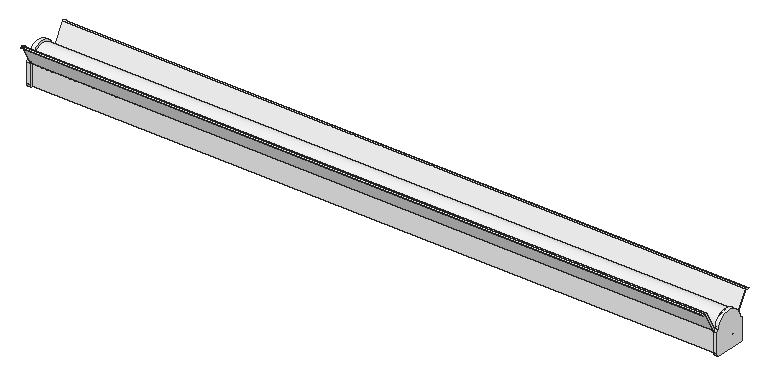
Revit family "0045187+0045235 Feilo Sylvania Lighting Fixture SYLBATTEN LED8 6000K TP3 with SYMMETRIC REFLECTOR ACCESSORY 1500MM", category Lighting Fixtures, host Face, Revit 2017
Family settings
  Host = Face
  Round Connector Dimension = Use Diameter
  Part Type = Normal
  OmniClass Number = 23.80.70.00
  OmniClass Title = Lighting
  Cut with Voids When Loaded = No
  Light Source = Yes
  Shared = No
  Room Calculation Point = No
Parameters (values of type "0045187 SYLBATTEN LED8 6000K TP3")
  Width_FEILO = 66 mm
  Weight = "3.148 kg"
  Wattage Comments = "n/a"
  Wattage = 79 W
  WarrantyStartDate [instance] = "n/a"
  WarrantyGuarantorParts = "n/a"
  WarrantyDurationUnit = "n/a"
  WarrantyDurationParts = "n/a"
  WarrantyDescription = "n/a"
  built-in parameter 1150110 = 1 (stored number, unit not read)
  Voltage = 230 V
  URL = "http://www.sylvania-lighting.com"
  TypeName = "SYLBATTEN LED8 6000K TP3"
  Type Image = <None>
  Type Comments = "n/a"
  built-in parameter 1114217 = 1 (stored number, unit not read)
  Tilt Angle = -90.00°
  built-in parameter 1150109 = 1 (stored number, unit not read)
  built-in parameter 1150134 = 5
  SymReflector_FEILO = yes
  built-in parameter 1150113 = 1 (stored number, unit not read)
  SerialNumber [instance] = "n/a"
  PowerFactor = 0
  PowerConsumption = "79 W"
  Photometric Web File = "0045187+0045235.ies"
  NominalLength = 1505 mm
  NominalHeight = 91 mm
  NominalDepth = 122 mm
  Name = "SYLBATTEN LED8 6000K TP3"
  ModelReference = Name  # "SYLBATTEN LED8 6000K TP3"
  ModelNumber = "0045187"
  Model = Name  # "SYLBATTEN LED8 6000K TP3"
  Material_4_FEILO = Reflector-Sylvania-Sylbatten-White
  Material_3_FEILO = Diffuser-Sylvania-Sylbatten-Glow
  Material_2_FEILO = Body-Sylvania-Sylbatten-White
  Material_1_FEILO = Body-Sylvania-Sylbatten-White
  Material = "sheet steel housing, polycarbonate diffuser"
  ManufacturerName = "Feilo Sylvania"
  Manufacturer = "Feilo Sylvania"
  LuminousEfficacy = "110.4 lm/W"
  built-in parameter 1150105 = 694.23 (stored number, unit not read)
  Lumens = 8723.97 lm
  LuminaireType = ""
  built-in parameter 1150115 = 1 (stored number, unit not read)
  LightOutputRatio = "100"
  built-in parameter 1150137 = (empty or 0)
  built-in parameter 1150139 = (empty or 0)
  Length_FEILO = 1505 mm
  LampsType = Lamp  # "LED"
  LampNominalLuminous = "8724 lm"
  LampMacAdamStep = "n/a"
  LampColourTemperature = "6000 K"
  LampColourRenderingIndex = "80"
  built-in parameter 1150112 = 1 (stored number, unit not read)
  built-in parameter 1150114 = 1 (stored number, unit not read)
  Lamp = "LED"
  Keynote = "16500"
  InstallationDate [instance] = "n/a"
  InputVoltage = "220-240V~"
  InputNominalFrequency = "n/a"
  built-in parameter 1150132 = (empty or 0)
  built-in parameter 1150102 = (empty or 0)
  built-in parameter 1150107 = 6000 (stored number, unit not read)
  built-in parameter 1150138 = (empty or 0)
  IngressProtection = "IP20"
  ImpactProtectionIndex = "IK07"
  built-in parameter 1150106 = 6.9423 (stored number, unit not read)
  IfcExportType = "IfcLightFixtureType"
  IfcExportAs = "IfcLightFixtureType"
  Height_FEILO = 76 mm
  ExpectedLife = 50000
  Emit from Rectangle Width = Length_FEILO - 16 mm  # 1489 mm
  Emit from Rectangle Length = Width_FEILO - 40 mm  # 26 mm
  Emit Shape Visible in Rendering = no
  ElectricShockClassification = "Class I"
  built-in parameter 1150104 = 10.259 (stored number, unit not read)
  DurationUnit = "hours"
  DocumentationLiterature = "http://www.sylvania-lighting.com/product/en-int/products/0045187"
  DimmingControlOptions = "n/a"
  Dimming Lamp Color Temperature Shift = <None>
  Description = "LED batten, T8 replacement, ease of installation through 2 part push-in design of the housing (safety cable included), through wiring capability (TP3 = 3 core), sheet steel, 8724M, 79W, 110lm/W, 6000K, drive current: 450mA, CRI 80, 138° wide beam angle, electronic driver (non dimmable), IP20, IK07, 50,000 hrs (L70), (LxWxH) 1505x66x76mm, 5 step MacAdam ellipse, 3.7kg, white RAL 9016, Class 1, 220-240V, energy class: A++, A+, A."
  Default Elevation = 1219.2 mm
  CreatedOn = "1/25/2018"
  CreatedBy = ""
  Cost = 0
  Color Filter = 16777215
  built-in parameter 1114216 [instance] = (empty or 0)
  ClassificationValue = "EF_70_80"
  ClassificationName = "Uniclass2015"
  CapOffset_FEILO = 2 mm
  BarCode [instance] = "n/a"
  built-in parameter 1114218 = 1 (stored number, unit not read)
  BackReflector_FEILO = and(not(AsymReflector_FEILO), SymReflector_FEILO)  # yes
  built-in parameter 1150133 = 10 (stored number, unit not read)
  FrontReflector_FEILO = or(AsymReflector_FEILO, SymReflector_FEILO)  # yes
  AsymReflector_FEILO = no
  AssetType = "Fixed"
  AssetIdentifier [instance] = "n/a"
  Assembly Code = "D5020200"
  Apparent Load = 79 VA
Reference planes
  plane 1 "Center (Front/Back)": y = 0
  plane 2: z = 0
  plane 3 "Center (Left/Right)": x = 0
  plane 4: x = 752.5
  plane 5: x = -752.5
  plane 6: y = 33
  plane 7: y = -33
  plane 8: z = 76
  plane 9: z = 47
  plane 10: y = -29
  plane 11: y = 29
  plane 12: z = 20
  plane 13: z = 74
  plane 14: y = -31
  plane 15: y = -27
  plane 16: y = 27
  plane 17: y = 31
  plane 18: z = 2
  plane 19: x = -744.5
  plane 20: x = 744.5
  plane 21: z = 49
  plane 22: y = 1
  plane 23: y = -1
  plane 24: z = 21
  plane 25: z = 19
  plane 26: y = -61
  plane 27: y = 61
  plane 28: y = -56
  plane 29: y = 56
  plane 30: z = 91
  plane 31: z = 88
Forms (mm)
  Extrusion 1, solid, material "Body-Sylvania-Sylbatten-White" <- "Material_2_FEILO"
    sketch origin (0, 0, 0) x (0, 1, 0) y (0, 0, 1)
      loop
        line (-31, 2) -> (31, 2) -> (31, 45)
        arc (31, 45) -> (30.414, 46.414) -> (29, 47) r 2
        line (29, 47) -> (27, 47)
        arc (27, 47) -> (0, 74) -> (-27, 47) r 27
        line (-27, 47) -> (-29, 47)
        arc (-29, 47) -> (-30.414, 46.414) -> (-31, 45) r 2
        line (-31, 45) -> (-31, 2)
    from -744.5 to 744.5
  Extrusion 2, solid, material "Body-Sylvania-Sylbatten-White" <- "Material_2_FEILO"
    sketch origin (752.5, 1524, 1219.2) x (0, 1, 0) y (0, 0, 1)
      loop
        arc (-1494, -1219.2) -> (-1491.879, -1218.321) -> (-1491, -1216.2) r 3
        line (-1491, -1216.2) -> (-1491, -1173.2)
        arc (-1491, -1173.2) -> (-1491.879, -1171.079) -> (-1494, -1170.2) r 3
        line (-1494, -1170.2) -> (-1495.069, -1170.2)
        arc (-1495.069, -1170.2) -> (-1524, -1143.2) -> (-1552.931, -1170.2) r 29
        line (-1552.931, -1170.2) -> (-1554, -1170.2)
        arc (-1554, -1170.2) -> (-1556.121, -1171.079) -> (-1557, -1173.2) r 3
        line (-1557, -1173.2) -> (-1557, -1216.2)
        arc (-1557, -1216.2) -> (-1556.121, -1218.321) -> (-1554, -1219.2) r 3
        line (-1554, -1219.2) -> (-1494, -1219.2)
      loop
        arc (-1525, -1189.25) -> (-1531.071, -1192.129) -> (-1533.95, -1198.2) r 10
        line (-1533.95, -1198.2) -> (-1532.944, -1198.2)
        arc (-1532.944, -1198.2) -> (-1530.364, -1192.836) -> (-1525, -1190.256) r 9
        line (-1525, -1190.256) -> (-1525, -1189.25)
      loop
        arc (-1523, -1190.256) -> (-1517.636, -1192.836) -> (-1515.056, -1198.2) r 9
        line (-1515.056, -1198.2) -> (-1514.05, -1198.2)
        arc (-1514.05, -1198.2) -> (-1516.929, -1192.129) -> (-1523, -1189.25) r 10
        line (-1523, -1189.25) -> (-1523, -1190.256)
      loop
        line (-1532.944, -1200.2) -> (-1533.95, -1200.2)
        arc (-1533.95, -1200.2) -> (-1531.071, -1206.271) -> (-1525, -1209.15) r 10
        line (-1525, -1209.15) -> (-1525, -1208.144)
        arc (-1525, -1208.144) -> (-1530.364, -1205.564) -> (-1532.944, -1200.2) r 9
      loop
        arc (-1515.056, -1200.2) -> (-1517.636, -1205.564) -> (-1523, -1208.144) r 9
        line (-1523, -1208.144) -> (-1523, -1209.15)
        arc (-1523, -1209.15) -> (-1516.929, -1206.271) -> (-1514.05, -1200.2) r 10
        line (-1514.05, -1200.2) -> (-1515.056, -1200.2)
    from 0 to -8
  Extrusion 3, solid, material "Body-Sylvania-Sylbatten-White" <- "Material_2_FEILO"
    sketch origin (-752.5, 1524, 1219.2) x (0, 1, 0) y (0, 0, 1)
      loop
        arc (-1495.069, -1170.2) -> (-1524, -1143.2) -> (-1552.931, -1170.2) r 29
        line (-1552.931, -1170.2) -> (-1554, -1170.2)
        arc (-1554, -1170.2) -> (-1556.121, -1171.079) -> (-1557, -1173.2) r 3
        line (-1557, -1173.2) -> (-1557, -1216.2)
        arc (-1557, -1216.2) -> (-1556.121, -1218.321) -> (-1554, -1219.2) r 3
        line (-1554, -1219.2) -> (-1494, -1219.2)
        arc (-1494, -1219.2) -> (-1491.879, -1218.321) -> (-1491, -1216.2) r 3
        line (-1491, -1216.2) -> (-1491, -1173.2)
        arc (-1491, -1173.2) -> (-1491.879, -1171.079) -> (-1494, -1170.2) r 3
        line (-1494, -1170.2) -> (-1495.069, -1170.2)
      loop
        line (-1533.95, -1198.2) -> (-1532.944, -1198.2)
        arc (-1532.944, -1198.2) -> (-1530.364, -1192.836) -> (-1525, -1190.256) r 9
        line (-1525, -1190.256) -> (-1525, -1189.25)
        arc (-1525, -1189.25) -> (-1531.071, -1192.129) -> (-1533.95, -1198.2) r 10
      loop
        line (-1523, -1189.25) -> (-1523, -1190.256)
        arc (-1523, -1190.256) -> (-1517.636, -1192.836) -> (-1515.056, -1198.2) r 9
        line (-1515.056, -1198.2) -> (-1514.05, -1198.2)
        arc (-1514.05, -1198.2) -> (-1516.929, -1192.129) -> (-1523, -1189.25) r 10
      loop
        line (-1514.05, -1200.2) -> (-1515.056, -1200.2)
        arc (-1515.056, -1200.2) -> (-1517.636, -1205.564) -> (-1523, -1208.144) r 9
        line (-1523, -1208.144) -> (-1523, -1209.15)
        arc (-1523, -1209.15) -> (-1516.929, -1206.271) -> (-1514.05, -1200.2) r 10
      loop
        line (-1525, -1209.15) -> (-1525, -1208.144)
        arc (-1525, -1208.144) -> (-1530.364, -1205.564) -> (-1532.944, -1200.2) r 9
        line (-1532.944, -1200.2) -> (-1533.95, -1200.2)
        arc (-1533.95, -1200.2) -> (-1531.071, -1206.271) -> (-1525, -1209.15) r 10
    from 0 to 8
  Extrusion 4, solid, material "Reflector-Sylvania-Sylbatten-White" <- "Material_4_FEILO", visible <- "FrontReflector_FEILO"
    sketch origin (0, 0, 0) x (0, 1, 0) y (0, 0, 1)
      loop
        line (-61.257, 88.429) -> (-60.743, 87.571) -> (-56.621, 90.044)
        arc (-56.621, 90.044) -> (-56.237, 90.099) -> (-55.929, 89.863) r 0.5
        line (-55.929, 89.863) -> (-31.435, 46.753) -> (-30.565, 47.247) -> (-55.312, 90.802)
        arc (-55.312, 90.802) -> (-55.928, 91.275) -> (-56.696, 91.165) r 1
        line (-56.696, 91.165) -> (-61.257, 88.429)
    from -744.5 to 744.5
  Extrusion 5, solid, material "Reflector-Sylvania-Sylbatten-White" <- "Material_4_FEILO", visible <- "BackReflector_FEILO"
    sketch origin (0, 0, 0) x (0, 1, 0) y (0, 0, 1)
      loop
        line (30.565, 47.247) -> (31.435, 46.753) -> (55.932, 89.868)
        arc (55.932, 89.868) -> (56.245, 90.112) -> (56.638, 90.062) r 0.518
        line (56.638, 90.062) -> (61.033, 87.565) -> (61.527, 88.435) -> (56.682, 91.188)
        arc (56.682, 91.188) -> (55.922, 91.282) -> (55.318, 90.812) r 1
        line (55.318, 90.812) -> (30.565, 47.247)
    from -744.5 to 744.5
Lines and regions (mm)
  reference lines
    curve 1: line (0, -61, 88) -> (0, -56, 91)
    curve 2: line (0, -56, 91) -> (0, -31, 47)
    curve 3: line (0, 31, 47) -> (0, 56, 91)
    curve 4: line (0, 56, 91) -> (0, 61.28, 88)
Dimensions and locks
  equal spacing: plane 5, plane 3 "Center (Left/Right)", plane 4
  equal spacing: plane 7, plane 1 "Center (Front/Back)", plane 6
  "Width_FEILO": plane 7 to plane 6
  "Length_FEILO": plane 5 to plane 4
  "Height_FEILO": plane 8 to plane 2
  locked: plane 9 to plane 8 at 29
  equal spacing: plane 10, plane 1 "Center (Front/Back)", plane 11
  locked: plane 7 to plane 10 at 4
  locked: plane 12 to plane 2 at 20
  "CapOffset_FEILO": plane 13 to plane 8
  "CapOffset_FEILO": plane 7 to plane 14
  "CapOffset_FEILO": plane 10 to plane 15
  "CapOffset_FEILO": plane 17 to plane 6
  "CapOffset_FEILO": plane 16 to plane 11
  "CapOffset_FEILO": plane 18 to plane 2
  locked: plane 14 to Extrusion 1 sketch curve at 2
  locked: Extrusion 1 sketch curve to plane 9 at 2  (x2)
  locked: plane 16 to Extrusion 1 sketch curve at 2
  equal spacing: plane 19, plane 3 "Center (Left/Right)", plane 20
  locked: plane 5 to plane 19 at 8
  "CapOffset_FEILO": plane 9 to plane 21
  locked: Extrusion 2 sketch curve to plane 2 at 47
  locked: Extrusion 1 sketch curve to plane 2 at 47
  locked: Extrusion 2 sketch curve to plane 2 at 3  (x2)
  locked: plane 7 to Extrusion 2 sketch curve at 3  (x2)
  locked: Extrusion 2 sketch curve to plane 6 at 3  (x2)
  locked: Extrusion 2 sketch curve to plane 21 at 3  (x2)
  equal spacing: plane 23, plane 1 "Center (Front/Back)", plane 22
  equal spacing: plane 25, plane 12, plane 24
  plane 30 to plane 31 to plane 2 = 3 mm locked, 88 mm locked
  plane 28 to plane 29 = 112 mm
  plane 26 to plane 27 = 122 mm
  aligned and locked: plane 2 to host face
  aligned and locked: level to host face
  aligned and locked: plane 18 to Extrusion 1 sketch curve
  aligned and locked: plane 14 to Extrusion 1 sketch curve
  aligned and locked: Extrusion 1 sketch curve to plane 9  (x2)
  aligned and locked: Extrusion 1 sketch curve to plane 17
  aligned and locked: plane 15 to Extrusion 1 sketch curve
  aligned and locked: plane 16 to Extrusion 1 sketch curve
  aligned and locked: plane 9 to Extrusion 1 sketch curve
  aligned and locked: plane 20 to Extrusion 1
  aligned and locked: level to Extrusion 2 sketch curve
  aligned and locked: Extrusion 2 sketch curve to plane 7
  aligned and locked: plane 21 to Extrusion 2 sketch curve
  aligned and locked: Extrusion 2 sketch curve to plane 21
  aligned and locked: plane 1 "Center (Front/Back)" to Extrusion 2 sketch curve  (x3)
  aligned and locked: Extrusion 2 to Extrusion 1
  aligned and locked: plane 4 to Extrusion 2
  aligned and locked: plane 12 to Extrusion 2 sketch curve  (x2)
  aligned and locked: Extrusion 2 sketch curve to plane 22
  aligned and locked: Extrusion 2 sketch curve to plane 23
  aligned and locked: Extrusion 2 sketch curve to plane 24
  aligned and locked: Extrusion 2 sketch curve to plane 25
  aligned and locked: plane 25 to Extrusion 2 sketch curve
  aligned and locked: plane 22 to Extrusion 2 sketch curve
  aligned and locked: plane 24 to Extrusion 2 sketch curve
  aligned and locked: plane 23 to Extrusion 2 sketch curve  (x2)
  aligned and locked: Extrusion 3 sketch curve to Extrusion 2  (x22)
  aligned and locked: Extrusion 3 to Extrusion 1
  aligned and locked: Extrusion 3 to plane 5
  aligned and locked: plane 19 to Extrusion 3
  aligned and locked: plane 31 to curve 1
  aligned and locked: plane 30 to curve 1
  aligned and locked: plane 14 to curve 2
  aligned and locked: plane 9 to curve 2
  aligned and locked: plane 17 to curve 3
  aligned and locked: plane 30 to curve 3
  aligned and locked: plane 31 to curve 4
  aligned and locked: Extrusion 4 sketch curve to curve 2
  aligned and locked: Extrusion 4 sketch curve to curve 1
  aligned and locked: Extrusion 4 to Extrusion 1
  aligned and locked: Extrusion 1 to Extrusion 4
  aligned and locked: imposter light to plane 1 "Center (Front/Back)"
  aligned and locked: imposter light to plane 3 "Center (Left/Right)"
  aligned and locked: imposter light to plane 13
  aligned and locked: Extrusion 5 sketch curve to curve 4
  aligned and locked: Extrusion 5 sketch curve to curve 3
  aligned and locked: Extrusion 1 to Extrusion 5
  aligned and locked: Extrusion 5 to Extrusion 1
Automatic sketch dimensions
  host sketch curve to host sketch curve = 2438.4 mm  (x2)
  Extrusion 2 sketch curve to Extrusion 2 sketch curve = 0 mm  (x14)
  Extrusion 2 sketch curve to plane 10 = 0.069 mm
  plane 23 to Extrusion 2 sketch curve = 8.95 mm
  Extrusion 2 sketch curve to Extrusion 2 sketch curve = 1.006 mm  (x4)
  Extrusion 2 sketch curve to plane 22 = 7.944 mm
  curve 1 to plane 26 = 0 mm
  curve 2 to plane 28 = 0 mm
  curve 4 to plane 29 = 0 mm
  plane 9 to curve 3 = 0 mm
  plane 26 to Extrusion 4 sketch curve = 0.257 mm
  Extrusion 4 sketch curve to plane 26 = 0.257 mm
  Extrusion 4 sketch curve to plane 30 = 0.165 mm
  plane 28 to Extrusion 4 sketch curve = 0.696 mm
  plane 28 to Extrusion 4 sketch curve = 0.621 mm
  plane 28 to Extrusion 4 sketch curve = 0.364 mm
  plane 28 to Extrusion 4 sketch curve = 0.182 mm
  Extrusion 4 sketch curve to plane 28 = 0.071 mm
  plane 30 to Extrusion 4 sketch curve = 0.198 mm
  Extrusion 4 sketch curve to plane 28 = 0.688 mm
  plane 9 to Extrusion 4 sketch curve = 0.247 mm
  plane 1 "Center (Front/Back)" to Extrusion 4 sketch curve = 31.435 mm
  Extrusion 5 sketch curve to plane 9 = 0.247 mm
  Extrusion 5 sketch curve to plane 1 "Center (Front/Back)" = 30.565 mm
  plane 9 to Extrusion 5 sketch curve = 0.247 mm
  plane 30 to Extrusion 5 sketch curve = 0.188 mm
  plane 29 to Extrusion 5 sketch curve = 0.068 mm
  Extrusion 5 sketch curve to plane 29 = 0.188 mm
  Extrusion 5 sketch curve to plane 29 = 0.382 mm
  Extrusion 5 sketch curve to Extrusion 5 sketch curve = 0.256 mm
  Extrusion 5 sketch curve to plane 30 = 0.188 mm
  Extrusion 5 sketch curve to plane 29 = 0.682 mm
  Extrusion 5 sketch curve to plane 27 = 0.033 mm
  Extrusion 5 sketch curve to plane 27 = 0.527 mm
Connectors
  electrical at (0, 0, 0), driven by "Apparent Load", driven by "PowerFactor", driven by "Voltage"
    settings: index 1, voltage 230 V, apparent load 79 VA, apparent load phase1 0 VA, apparent load phase2 0 VA, apparent load phase3 0 VA, power factor 0, load classification "Lighting", number of poles 1, system type 30, power factor state 1, is connector primary yes, connector utility no, sub classification motor no, connector description ""
